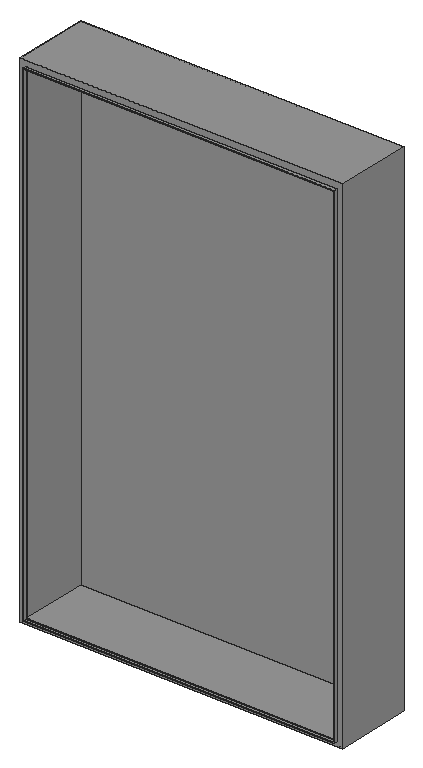
Revit family "Hager-Univers-IP30-D205-H1250-Cl.II-Encl-NoHosted-NL-en", category Equipement électrique, Revit 2020
Family settings
  Configuration du panneau = Deux colonnes, circuits au sein
  Cote de connecteur circulaire = Utiliser le diamètre
  Type d'élément = Tableau de raccordement
  Basée sur le plan de construction = Oui
  Toujours verticalement = Oui
  Couper avec des vides une fois chargée = Non
  Partagée = Non
  Point de calcul de pièce = Non
Parameters (values of type "Surface mounted (plaster) IP30 W800 H1250 D205  - FP83Q1S")
  Width Control [instance] = if([EF000008 - Width] > Min Width, [EF000008 - Width], Min Width)  # 800 mm
  Commentaires du type = [HG000003 - Range]  # "Univers"
  Thickness Door [instance] = if([EF009171 - Material plate thickness door/cover] > 3 mm, 3 mm, [EF009171 - Material plate thickness door/cover])  # 1 mm
  Seal Frame Offset [instance] = 17 mm  # constant formula
  Plinth Visibility [instance] = [HG000027 - Plinth height] > 0 mm  # no
  Min Width [instance] = 100 mm  # constant formula
  Min Depth [instance] = (2 * [EF009170 - Material plate thickness cabinet]) + 1 mm  # 3 mm
  Min Height [instance] = 100 mm  # constant formula
  Internal Frame Depth [instance] = (Door System Depth * 0.5)  # 9 mm
  Panel Name [instance] = ""  # (empty or 0)
  Model = ""
  HG000027 - Plinth height = 0 mm
  HG000026 - Floor standing = no
  HG000024 - Bottom section height = 600 mm
  HG000023 - Double section enclosure = no
  HG000016 - Door 3d visibility [instance] = yes
  HG000015 - Clearance visibility [instance] = no
  HG000014 - Door on the right [instance] = yes
  HG000013 - Door on the left [instance] = not([HG000014 - Door on the right])  # no
  HG000012 - Door swing angle [instance] = 30.00°
  HG000010 - Asymmetric doors = no
  HG000009 - Double swing door = no
  HG000006 - Flush mounted = no
  HG000004 - Manufacturer reference = "FP83Q1S"
  HG000003 - Range = "Univers"
  HG000002 - With door or cover = no
  Frame Offset Bottom [instance] = 10 mm  # constant formula
  Frame Offset [instance] = 15 mm  # constant formula
  EF015940 - Cover with overpressure release = no
  EF011959 - Degree of protection (NEMA) = ""
  EF009554 - Number of openings for flange plates = 6
  EF009212 - Cover model = "EV009916 - With notch"
  EF009171 - Material plate thickness door/cover = 1 mm
  EF009170 - Material plate thickness cabinet = 1 mm
  EF008873 - Nominal current (In) = 250 A
  EF007800 - Suitable for lightning protection = no
  EF006306 - With lock = no
  EF006244 - Transparent cover/door = no
  EF005474 - Degree of protection (IP) = "EV006410 - IP30"
  EF004464 - Type of door = "EV000494 - None"
  EF004427 - Number of modules = 288
  EF004293 - Impact strength = "EV006813 - IK07"
  EF003532 - Suitable for outdoor use = no
  EF002950 - Width in number of modular spacings = 36
  EF001613 - Circuit integrity = "EV000494 - None"
  EF001596 - Material housing = "EV000179 - Steel"
  EF001131 - Internal depth = 130 mm
  EF001088 - Extension possible = yes
  EF000437 - Number of conduit inlets = 6
  EF000339 - Type of cover = "EV000494 - None"
  EF000266 - Number of rows = 8
  EF000218 - Built-in depth = 0 mm
  EF000118 - With mounting plate = no
  EF000116 - RAL-number = "9010"
  EF000049 - Depth = 205 mm
  EF000040 - Height = 1250 mm
  EF000008 - Width = 800 mm
  EF000007 - Colour = "EV000202 - White"
  EF000003 - Mounting method = "EV000384 - Surface mounted (plaster)"
  Door System Leaf Tolerance [instance] = 1.5 mm  # constant formula
  Door System Depth [instance] = 18 mm  # constant formula
  Door Height [instance] = Height Control - [HG000027 - Plinth height]  # 1250 mm
  Description = ""
  Default Elevation = 1219.2 mm
  Connector Offset [instance] = Height Control / 2  # 625 mm
  Fabricant = "Hager"  # constant formula
  Height Control [instance] = if([EF000040 - Height] > Min Height, [EF000040 - Height], Min Height)  # 1250 mm
  Depth Control [instance] = if([EF000049 - Depth] > Min Depth, [EF000049 - Depth], Min Depth)  # 205 mm
  Bottom Top Plate Trim [instance] = 1.5 mm  # constant formula
  Plinth height Ctrl [instance] = if([HG000027 - Plinth height] > 0 mm, [HG000027 - Plinth height], 12 mm)  # 12 mm
Types (5, lengths in mm): name | Width Control | HG000004 - Manufacturer reference | EF009554 - Number of openings for flange plates | EF004427 - Number of modules | EF002950 - Width in number of modular spacings | EF000437 - Number of conduit inlets | EF000008 - Width
  Surface mounted (plaster) IP30 W1050 H1250 D205  - FP84Q1S | 1050 | "FP84Q1S" | 8 | 384 | 48 | 8 | 1050
  Surface mounted (plaster) IP30 W1300 H1250 D205  - FP85Q1S | 1300 | "FP85Q1S" | 10 | 480 | 60 | 10 | 1300
  Surface mounted (plaster) IP30 W300 H1250 D205  - FP81Q1S | 300 | "FP81Q1S" | 2 | 96 | 12 | 2 | 300
  Surface mounted (plaster) IP30 W550 H1250 D205  - FP82Q1S | 550 | "FP82Q1S" | 4 | 192 | 24 | 4 | 550
  Surface mounted (plaster) IP30 W800 H1250 D205  - FP83Q1S | 800 | "FP83Q1S" | 6 | 288 | 36 | 6 | 800
Reference planes
  plane 1 "Center (Front/Back)": y = 0
  plane 2: z = 0
  plane 3 "Center (Left/Right)": x = 0
  plane 4: y = 0
  plane 5: y = 0
  plane 6: z = 0
  plane 7: x = -400
  plane 8: x = 400
  plane 9: x = 399
  plane 10: x = -399
  plane 11: z = 0
  plane 12: z = 1
  plane 13: y = -205
  plane 14: y = -1
  plane 15: x = 0
  plane 16: y = -187
  plane 17: y = -204
  plane 18: y = -186
  plane 19: x = -384
  plane 20: x = 384
  plane 21: z = 11
  plane 22: x = -383
  plane 23: x = 383
  plane 24: z = 0
  plane 25: z = 1250
  plane 26: z = 1250
  plane 27: z = 1234
  plane 28: z = 1249
Forms (mm)
  Extrusion 1, solid, material "Hager_Steel_RAL7035_Light_Grey", detail levels medium+fine
    sketch origin (-208.679, -4572, 0) x (-1, 0, 0) y (0, -1, 0)
      loop
        line (191.321, -4385) -> (-608.679, -4385) -> (-608.679, -4572) -> (191.321, -4572) -> (191.321, -4385)
    from 0 to 1250
  Extrusion 2, void
    sketch origin (-350.771, -205, 1219.2) x (1, 0, 0) y (0, 0, 1)
      loop
        line (-48.229, 29.8) -> (-48.229, -1218.2) -> (749.771, -1218.2) -> (749.771, 29.8) -> (-48.229, 29.8)
    from -19 to -204
  Extrusion 3, void
    sketch origin (-290.084, -187, 1219.2) x (1, 0, 0) y (0, 0, 1)
      loop
        line (-93.916, -1208.2) -> (674.084, -1208.2) -> (674.084, 14.8) -> (-93.916, 14.8) -> (-93.916, -1208.2)
    from 0 to -1
  Extrusion 4, solid, material "Hager_Steel_RAL7035_Light_Grey", visible <- "Plinth Visibility", detail levels medium+fine
    sketch origin (0, 0, 0) x (1, 0, 0) y (0, 1, 0)
      loop
        line (-400, 0) -> (-400, -187) -> (400, -187) -> (400, 0) -> (-400, 0)
    from 0 to 12 <- "Plinth height Ctrl"
  Extrusion 5, solid, material "Hager_Steel_RAL7035_Light_Grey", detail levels coarse
    sketch origin (0, 0, 0) x (1, 0, 0) y (0, 1, 0)
      loop
        line (-400, 0) -> (-400, -205) -> (400, -205) -> (400, 0) -> (-400, 0)
    from 0 to 1250 <- "Height Control"
  Sweep 6, void
    path in 3D
      loop
        line (-400, -187, 12) -> (400, -187, 12) -> (400, 0, 12) -> (-400, 0, 12) -> (-400, -187, 12)
    profile origin (-400, -93.5, 12) x (1, 0, 0) y (0, 0, 1)
      loop
        line (0, 0) -> (0, -1.5) -> (1.5, -1.5)
        arc (1.5, -1.5) -> (1.061, -0.439) -> (0, 0) r 1.5
  Extrusion 7, solid, material "Hager_Steel_RAL7035_Light_Grey", detail levels fine
    sketch origin (-400, -187, 0) x (1, 0, 0) y (0, 0, 1)
      loop
        line (16, 11) -> (784, 11) -> (784, 1234) -> (16, 1234) -> (16, 11)
      loop
        line (15, 10) -> (785, 10) -> (785, 1235) -> (15, 1235) -> (15, 10)
    from 0 to 9 <- "Internal Frame Depth"
Cuts and joins
  Extrusion 2, Extrusion 3 cuts Extrusion 1
  Sweep 6 cuts Extrusion 4
Lines and regions (mm)
  Masking region 1
    outline origin (0, 0, 0) x (1, 0, 0) y (0, 1, 0)
      loop
        line (-400, 0) -> (-400, -205) -> (400, -205) -> (400, 0) -> (-400, 0)
  Masking region 2, detail levels coarse
    outline origin (-290.084, -187, 1219.2) x (-1, 0, 0) y (0, 0, 1)
      loop
        line (-690.084, -1219.2) -> (109.916, -1219.2) -> (109.916, 30.8) -> (-690.084, 30.8) -> (-690.084, -1219.2)
  Masking region 3, detail levels coarse
    outline origin (0, 0, 0) x (0, 1, 0) y (0, 0, 1)
      loop
        line (0, 0) -> (0, 1250) -> (-205, 1250) -> (-205, 0) -> (0, 0)
  Masking region 4, visible <- "Plinth Visibility", detail levels medium+fine
    outline origin (0, 0, 0) x (0, 1, 0) y (0, 0, 1)
      loop
        line (-1.5, 12) -> (-185.5, 12)
        arc (-185.5, 12) -> (-185.939, 10.939) -> (-187, 10.5) r 1.5
        line (-187, 10.5) -> (-187, 0) -> (0, 0) -> (0, 10.5)
        arc (0, 10.5) -> (-1.061, 10.939) -> (-1.5, 12) r 1.5
  Masking region 5, detail levels medium+fine
    outline origin (0, 0, 594.038) x (0, 1, 0) y (0, 0, 1)
      loop
        line (0, -594.038) -> (0, 655.962) -> (-187, 655.962) -> (-187, -594.038) -> (0, -594.038)
  Masking region 6, detail levels medium+fine
    outline origin (-359.7, -187, 1211.883) x (-1, 0, 0) y (0, 0, 1)
      loop
        line (-759.7, -1211.883) -> (40.3, -1211.883) -> (40.3, 38.117) -> (-759.7, 38.117) -> (-759.7, -1211.883)
  Masking region 7, visible <- "Plinth Visibility", detail levels medium+fine
    outline origin (-320.334, -187, 1041.368) x (-1, 0, 0) y (0, 0, 1)
      loop
        line (-720.334, -1041.368) -> (79.666, -1041.368) -> (79.666, -1030.868)
        arc (79.666, -1030.868) -> (78.606, -1030.429) -> (78.166, -1029.368) r 1.5
        line (78.166, -1029.368) -> (-718.834, -1029.368)
        arc (-718.834, -1029.368) -> (-719.273, -1030.429) -> (-720.334, -1030.868) r 1.5
        line (-720.334, -1030.868) -> (-720.334, -1041.368)
  sketch lines
    curve 1: line (-400, 0, 12) -> (-400, -187, 12)
    curve 2: line (-400, -187, 12) -> (400, -187, 12)
    curve 3: line (400, 0, 12) -> (-400, 0, 12)
    curve 4: line (400, -187, 12) -> (400, 0, 12)
Dimensions and locks
  locked: plane 1 "Center (Front/Back)" to plane 5
  "EF009170 - Material plate thickness cabinet": plane 7 to plane 10
  "EF009170 - Material plate thickness cabinet": plane 8 to plane 9
  equal spacing: plane 7, plane 3 "Center (Left/Right)", plane 8
  "Width Control": plane 7 to plane 8
  "Depth Control": plane 4 to plane 13
  "EF009170 - Material plate thickness cabinet": plane 4 to plane 14
  "Height Control": plane 25 to level
  "HG000027 - Plinth height": plane 11 to level
  "EF009170 - Material plate thickness cabinet": plane 12 to plane 11
  "EF009170 - Material plate thickness cabinet": plane 17 to plane 13
  "EF009170 - Material plate thickness cabinet": plane 18 to plane 16
  "Frame Offset Bottom": plane 21 to plane 12
  "Frame Offset": plane 10 to plane 19
  "Frame Offset": plane 9 to plane 20
  "Door System Depth": plane 16 to plane 13
  "Seal Frame Offset": plane 7 to plane 22
  "Seal Frame Offset": plane 8 to plane 23
  "EF009170 - Material plate thickness cabinet": plane 26 to plane 28
  "Frame Offset": plane 28 to plane 27
  "Connector Offset": plane 2 to connector elem
  "Bottom Top Plate Trim": profile plane to Sweep 6 sketch curve
  "Bottom Top Plate Trim": Sweep 6 sketch curve to Sweep 6 sketch curve
  "Plinth height Ctrl": Masking region 4 sketch curve to level
  "Plinth height Ctrl": Masking region 7 sketch curve to level
  "Thickness Door": Extrusion 7 sketch curve to Extrusion 7 sketch curve  (x4)
  "Bottom Top Plate Trim": radius of Sweep 6 sketch curve
  "Bottom Top Plate Trim": radius of Masking region 4 sketch curve  (x2)
  "Bottom Top Plate Trim": radius of Masking region 7 sketch curve  (x2)
  aligned and locked: Extrusion 2 sketch curve to plane 12
  aligned and locked: Extrusion 2 sketch curve to plane 9
  aligned and locked: Extrusion 2 sketch curve to plane 10
  aligned and locked: Extrusion 2 to plane 14
  aligned and locked: Extrusion 1 sketch curve to plane 4
  aligned and locked: plane 8 to Extrusion 1 sketch curve
  aligned and locked: plane 7 to Extrusion 1 sketch curve
  aligned and locked: Extrusion 2 to plane 18
  aligned and locked: Extrusion 3 sketch curve to plane 19
  aligned and locked: plane 20 to Extrusion 3 sketch curve
  aligned and locked: Extrusion 3 to Extrusion 2
  aligned and locked: Extrusion 3 sketch curve to plane 21
  aligned and locked: plane 3 "Center (Left/Right)" to nested 1
  aligned and locked: Extrusion 1 sketch curve to plane 16
  aligned and locked: Extrusion 4 sketch curve to cut or joined group of Extrusion 1, Extrusion 2, Extrusion 3
  aligned and locked: Masking region 1 sketch curve to plane 7
  aligned and locked: Masking region 1 sketch curve to plane 5
  aligned and locked: Masking region 1 sketch curve to plane 8
  aligned and locked: Masking region 2 sketch curve to level
  aligned and locked: level to Masking region 3 sketch curve
  aligned and locked: plane 1 "Center (Front/Back)" to Masking region 3 sketch curve
  aligned and locked: plane 13 to Masking region 3 sketch curve
  aligned and locked: plane 5 to Masking region 4 sketch curve
  aligned and locked: Masking region 2 sketch curve to plane 8
  aligned and locked: Masking region 2 sketch curve to plane 7
  aligned and locked: plane 7 to nested 2
  aligned and locked: nested 2 to plane 5
  aligned and locked: plane 5 to Masking region 5 sketch curve
  aligned and locked: plane 26 to Masking region 5 sketch curve
  aligned and locked: Extrusion 5 sketch curve to plane 8
  aligned and locked: Extrusion 5 sketch curve to plane 7
  aligned and locked: Extrusion 5 sketch curve to plane 5
  aligned and locked: Extrusion 3 sketch curve to plane 27
  aligned and locked: Extrusion 2 sketch curve to plane 28
  aligned and locked: Masking region 2 to plane 25
  aligned and locked: Extrusion 4 to plane 16
  aligned and locked: profile plane to Sweep 6 sketch curve
  aligned and locked: Masking region 5 sketch curve to plane 24
  aligned and locked: level to Masking region 4 sketch curve
  aligned and locked: Masking region 1 to plane 13
  aligned and locked: nested 1 to plane 16
  aligned and locked: Masking region 3 to plane 25
  aligned and locked: plane 16 to Masking region 4 sketch curve
  aligned and locked: Masking region 5 sketch curve to plane 16
  aligned and locked: plane 24 to plane 11
  aligned and locked: plane 26 to plane 25
  aligned and locked: plane 26 to cut or joined group of Extrusion 1, Extrusion 2, Extrusion 3
  aligned and locked: nested 1 to plane 24
  aligned and locked: Extrusion 1 to Extrusion 3
  aligned and locked: Masking region 6 sketch curve to plane 8
  aligned and locked: Masking region 6 sketch curve to plane 24
  aligned and locked: Masking region 6 sketch curve to plane 7
  aligned and locked: Masking region 6 sketch curve to plane 26
  aligned and locked: Masking region 7 sketch curve to plane 7
  aligned and locked: level to Masking region 7 sketch curve
  aligned and locked: Masking region 7 sketch curve to plane 8
  aligned and locked: Extrusion 7 sketch curve to cut or joined group of Extrusion 1, Extrusion 2, Extrusion 3  (x4)
Automatic sketch dimensions
  plane 19 to Extrusion 3 sketch curve = 0 mm
  Extrusion 3 sketch curve to plane 20 = 0 mm
  Extrusion 3 sketch curve to plane 21 = 0 mm
  Extrusion 4 sketch curve to plane 7 = 0 mm
  Extrusion 4 sketch curve to plane 8 = 0 mm
  Extrusion 4 sketch curve to plane 16 = 0 mm
  Masking region 1 sketch curve to plane 13 = 0 mm
  Masking region 2 sketch curve to plane 25 = 0 mm
  Masking region 3 sketch curve to plane 25 = 0 mm
  Extrusion 5 sketch curve to plane 13 = 0 mm
  profile plane to Sweep 6 sketch curve = 0 mm
Nested families
  nested 1: "EC000058_Univers_Door" at (0, -187, 0), Double <- "HG000009 - Double swing door", Transparent <- "EF006244 - Transparent cover/door", Angle <- "HG000012 - Door swing angle", Door_Right <- "HG000014 - Door on the right", Assymetrical <- "HG000010 - Asymmetric doors", Door <- "HG000002 - With door or cover", Width_Ctrl <- "Width Control", 3d_Door <- "HG000016 - Door 3d visibility", Clearance <- "HG000015 - Clearance visibility", Door_Left <- "HG000013 - Door on the left", Width <- "Width Control", Door_Depth <- "Door System Depth", Leaf_Tolerance <- "Door System Leaf Tolerance", Height <- "Door Height", Lock_Visibility <- "EF006306 - With lock", Thickness <- "Thickness Door", type "EC000058_Univers_Door", detail levels medium+fine
    with min_wh 3 mm, Width_Ctrl 800 mm, Width 800 mm, Transparent no, Thickness 1 mm, Seal_Material Hager_Rubber, Lock_Visibility no, Lock_Material Hager_Plastic_RAL9005_Jet_Black, Leaf_Width 800 mm, Leaf_Tolerance_External_Sides 0 mm, Leaf_Tolerance 1.5 mm, Leaf_Offset 0 mm, Leaf_Height 1247 mm, Leaf_2_Width 800 mm, Leaf_2_Offset 400 mm, Leaf_1_Width 800 mm, Leaf_1_Offset 400 mm, Height_Ctrl 1250 mm, Height 1250 mm, Glass_Material Hager_Glass, Double_Clearance_Ctrl no, Double no, Door_Right_Ctrl no, Door_Right yes, Door_Material Hager_Steel_RAL7035_Light_Grey, Door_Left_Ctrl no, Door_Left no, Door_Depth 18 mm, Door no, Clearance_Material Hager_Clearance, Clearance_Depth 800 mm, Clearance_Ctrl no, Clearance no, Assymetrical no, Angle 30.00°, 3d_Door yes
  nested 2: "Hager_Enclosure_Symbol" at (-400, 0, 0), Height <- "Depth Control", Width <- "Width Control", type "Hager_Enclosure_Symbol"
    with Width_Ctrl 800 mm, Width 800 mm, Height_Ctrl 205 mm, Height 205 mm, A_Width_Int 13.453 mm, A_Width 161.438 mm, A_Height_Ctrl 179.375 mm, A_Height 179.375 mm
Connectors
  electrical at (0, 0, 625)
    settings: on plane 1 "Center (Front/Back)", index 1, voltage 0 V, apparent load 0 VA, apparent load phase1 0 VA, apparent load phase2 0 VA, apparent load phase3 0 VA, power factor 1, load classification "Other", number of poles 1, system type 30, power factor state 1, is connector primary yes, connector utility no, sub classification motor no, connector description ""
Definition of nested family "EC000058_Univers_Door"
  Parameters (values of type "EC000058_Univers_Door")
    min_wh [instance] = (2 * Thickness) + 1 mm  # 11 mm
    Width_Ctrl [instance] = 400 mm
    Width [instance] = 500 mm
    Transparent [instance] = yes
    Thickness [instance] = 5 mm
    Seal_Material [instance] = none
    Lock_Visibility [instance] = yes
    Lock_Material [instance] = none
    Leaf_Width [instance] = if((Width_Ctrl - 2 * Leaf_Tolerance_External_Sides) > 0 mm, (Width_Ctrl - 2 * Leaf_Tolerance_External_Sides), min_wh)  # 400 mm
    Leaf_Tolerance_External_Sides [instance] = 0 mm  # constant formula
    Leaf_Tolerance [instance] = 1.5 mm
    Leaf_Offset [instance] = 0 mm  # constant formula
    Leaf_Height [instance] = if((Height_Ctrl - 2 * Leaf_Tolerance) > 0 mm, (Height_Ctrl - 2 * Leaf_Tolerance), min_wh)  # 497 mm
    Leaf_2_Width [instance] = if(and(and(Double, Assymetrical), Door_Left), (Leaf_Width / 3) - (Leaf_Tolerance / 2), if(and(and(Double, Assymetrical), Door_Right), (Leaf_Width / 3) * 2 - (Leaf_Tolerance / 2), if(and(Double, not(Assymetrical)), (Leaf_Width / 2) - Leaf_Tolerance, Leaf_Width)))  # 400 mm
    Leaf_2_Offset [instance] = if(and(Double, Assymetrical), Leaf_2_Width / 2, if(and(Double, not(Assymetrical)), Leaf_Width / 4, Leaf_Width / 2))  # 200 mm
    Leaf_1_Width [instance] = if(and(and(Double, Assymetrical), Door_Right), (Leaf_Width / 3) - (Leaf_Tolerance / 2), if(and(and(Double, Assymetrical), Door_Left), (Width / 3) * 2 - (Leaf_Tolerance / 2), if(and(Double, not(Assymetrical)), (Leaf_Width / 2) - Leaf_Tolerance, Leaf_Width)))  # 400 mm
    Leaf_1_Offset [instance] = if(and(Double, Assymetrical), Leaf_1_Width / 2, if(and(Double, not(Assymetrical)), Leaf_Width / 4, Leaf_Width / 2))  # 200 mm
    Height_Ctrl [instance] = if(Height > min_wh, Height, min_wh)  # 500 mm
    Height [instance] = 500 mm
    Glass_Material [instance] = none
    Double_Clearance_Ctrl [instance] = and(Double, Clearance)  # no
    Double [instance] = no
    Door_Right_Ctrl [instance] = and(or(Door_Right, Double), Door)  # yes
    Door_Right [instance] = yes
    Door_Material [instance] = none
    Door_Left_Ctrl [instance] = and(or(Door_Left, Double), Door)  # no
    Door_Left [instance] = no
    Door_Depth [instance] = 30 mm
    Door [instance] = yes
    Default Elevation = 1219.2 mm
    Clearance_Material [instance] = none
    Clearance_Depth [instance] = if(Leaf_1_Width > Leaf_2_Width, Leaf_1_Width, Leaf_2_Width)  # 400 mm
    Clearance_Ctrl [instance] = and(not(Double), Clearance)  # yes
    Clearance [instance] = yes
    Assymetrical [instance] = yes
    Angle [instance] = 30.00°
    3d_Door [instance] = yes
  Reference planes
    plane 1 "Center (Front/Back)": y = 0
    plane 2 "Bottom": z = 0
    plane 3 "Center (Left/Right)": x = 0
    plane 4: z = 500
    plane 5: x = -200
    plane 6: x = 200
    plane 7: z = 500
    plane 8: x = -200
    plane 9: z = 0
    plane 10: x = 200
    plane 11: y = 0
    plane 12: z = 1.5
    plane 13: x = -600
    plane 14: y = -400
    plane 15: x = 600
    plane 16: x = 0
    plane 17: x = 0
    plane 18: x = -200
    plane 19: x = 200
    plane 20: z = 498.5
  Forms (mm)
    Extrusion 1, solid, material <- "Clearance_Material", visible <- "Double_Clearance_Ctrl"
      sketch origin (1200, 0, 0) x (1, 0, 0) y (0, 0, -1)
        loop
          line (-1800, -498.5) -> (-600, -498.5) -> (-600, 0) -> (-1800, 0) -> (-1800, -498.5)
      from 0 to -400
  Dimensions and locks
    equal spacing: plane 5, plane 3 "Center (Left/Right)", plane 6
    "Width_Ctrl": plane 5 to plane 6
    "Leaf_Offset": plane 5 to plane 8
    "Leaf_Offset": plane 6 to plane 10
    "Leaf_Offset": plane 9 to level
    "Leaf_Offset": plane 4 to plane 7
    "Height_Ctrl": plane 4 to level
    "Leaf_Tolerance": plane 12 to plane 9
    locked: plane 11 to plane 1 "Center (Front/Back)"
    "Leaf_1_Offset": plane 18 to plane 16
    "Leaf_2_Offset": plane 17 to plane 19
    "Leaf_1_Width": plane 13 to plane 8
    "Leaf_2_Width": plane 10 to plane 15
    "Clearance_Depth": plane 14 to plane 1 "Center (Front/Back)"
    "Leaf_Tolerance_External_Sides": plane 8 to plane 18
    "Leaf_Tolerance_External_Sides": plane 19 to plane 10
    "Leaf_Tolerance": plane 7 to plane 20
    aligned and locked: level to plane 2 "Bottom"
    aligned and locked: nested 1 to plane 16
    aligned and locked: nested 2 to plane 17
    aligned and locked: Extrusion 1 to plane 13
    aligned and locked: plane 15 to Extrusion 1
    aligned and locked: Extrusion 1 to plane 14
    aligned and locked: plane 12 to nested 1
    aligned and locked: nested 2 to plane 12
    aligned and locked: Extrusion 1 to plane 11
    aligned and locked: plane 20 to Extrusion 1
    aligned and locked: nested 2 to plane 11
    aligned and locked: nested 1 to plane 11
  Automatic sketch dimensions
    Extrusion 1 sketch curve to level = 0 mm
    plane 5 to Extrusion 1 sketch curve = 400 mm
    plane 6 to Extrusion 1 sketch curve = 400 mm
    Extrusion 1 sketch curve to plane 4 = 1.5 mm
  Nested families
    nested 1: "EC000058_Univers_Door_Leaf" at (0, 0, 1.5), Width <- "Leaf_1_Width", visible <- "Door_Left_Ctrl", Leaf_Height <- "Leaf_Height", Angle <- "Angle", 3d_Door <- "3d_Door", Transparent <- "Transparent", Clearance Material <- "Clearance_Material", Clearance <- "Clearance_Ctrl", Door_Material <- "Door_Material", Glass_Material <- "Glass_Material", Door_Depth <- "Door_Depth", Lock_Material <- "Lock_Material", Seal_Material <- "Seal_Material", Lock_Visibility <- "Lock_Visibility", Thickness <- "Thickness", type "EC000058_Univers_Door_Leaf"
      with Width 400 mm, Transparent_Glass_Offset 30 mm, Transparent_Ctrl yes, Transparent yes, Thickness 5 mm, Standard no, Seal_Material none, Seal_D2 8 mm, Seal_D1 1 mm, Offset_Internal_Frame 10 mm, Lock_Width 20 mm, Lock_Visibility_3d yes, Lock_Visibility yes, Lock_Thickness_3 3 mm, Lock_Thickness_2 1 mm, Lock_Thickness_1 3 mm, Lock_Radius_Offset_2 16 mm, Lock_Radius_Offset_1 15 mm, Lock_Radius_2 5 mm, Lock_Radius 6 mm, Lock_Offset 5 mm, Lock_Material none, Lock_Height 80 mm, Lock_Cover_Top_Offset_2d 17 mm, Lock_Cover_Height -65 mm, Leaf_Height 497 mm, Internal_Seal_Thickness 8 mm, Internal_Seal_Depth_2 4.5 mm, Internal_Frame_Depth 25 mm, Glass_Thickness -1 mm, Glass_Offset -2 mm, Glass_Material none, Door_Material none, Door_Depth 30 mm, Clearance Material none, Clearance yes, Angle_Ctrl 30.00°, Angle 30.00°, 3d_Door yes
    nested 2: "EC000058_Univers_Door_Leaf" at (0, 0, 1.5) x (-1, 0, 0) z (0, 0, 1), Width <- "Leaf_2_Width", visible <- "Door_Right_Ctrl", Leaf_Height <- "Leaf_Height", Angle <- "Angle", 3d_Door <- "3d_Door", Transparent <- "Transparent", Clearance Material <- "Clearance_Material", Clearance <- "Clearance_Ctrl", Door_Material <- "Door_Material", Glass_Material <- "Glass_Material", Door_Depth <- "Door_Depth", Lock_Material <- "Lock_Material", Seal_Material <- "Seal_Material", Lock_Visibility <- "Lock_Visibility", Thickness <- "Thickness", type "EC000058_Univers_Door_Leaf"
      with Width 400 mm, Transparent_Glass_Offset 30 mm, Transparent_Ctrl yes, Transparent yes, Thickness 5 mm, Standard no, Seal_Material none, Seal_D2 8 mm, Seal_D1 1 mm, Offset_Internal_Frame 10 mm, Lock_Width 20 mm, Lock_Visibility_3d yes, Lock_Visibility yes, Lock_Thickness_3 3 mm, Lock_Thickness_2 1 mm, Lock_Thickness_1 3 mm, Lock_Radius_Offset_2 16 mm, Lock_Radius_Offset_1 15 mm, Lock_Radius_2 5 mm, Lock_Radius 6 mm, Lock_Offset 5 mm, Lock_Material none, Lock_Height 80 mm, Lock_Cover_Top_Offset_2d 17 mm, Lock_Cover_Height -65 mm, Leaf_Height 497 mm, Internal_Seal_Thickness 8 mm, Internal_Seal_Depth_2 4.5 mm, Internal_Frame_Depth 25 mm, Glass_Thickness -1 mm, Glass_Offset -2 mm, Glass_Material none, Door_Material none, Door_Depth 30 mm, Clearance Material none, Clearance yes, Angle_Ctrl 30.00°, Angle 30.00°, 3d_Door yes
  Definition of nested family "EC000058_Univers_Door_Leaf"
    Parameters (values of type "EC000058_Univers_Door_Leaf")
      Width [instance] = 2000 mm
      Transparent_Glass_Offset [instance] = 30 mm
      Transparent_Ctrl [instance] = and(Transparent, [3d_Door])  # yes
      Transparent [instance] = yes
      Thickness [instance] = 5 mm
      Standard [instance] = and(not(Transparent), [3d_Door])  # no
      Seal_Material [instance] = none
      Seal_D2 [instance] = 8 mm  # constant formula
      Seal_D1 [instance] = 1 mm  # constant formula
      Offset_Internal_Frame [instance] = 10 mm  # constant formula
      Lock_Width [instance] = 20 mm  # constant formula
      Lock_Visibility_3d [instance] = and(Lock_Visibility, [3d_Door])  # yes
      Lock_Visibility [instance] = yes
      Lock_Thickness_3 [instance] = 3 mm  # constant formula
      Lock_Thickness_2 [instance] = 1 mm  # constant formula
      Lock_Thickness_1 [instance] = 3 mm  # constant formula
      Lock_Radius_Offset_2 [instance] = Lock_Radius_Offset_1 + 1 mm  # 16 mm
      Lock_Radius_Offset_1 [instance] = 15 mm  # constant formula
      Lock_Radius_2 [instance] = Lock_Radius - 1 mm  # 5 mm
      Lock_Radius [instance] = 6 mm  # constant formula
      Lock_Offset [instance] = 5 mm  # constant formula
      Lock_Material [instance] = none
      Lock_Height [instance] = 80 mm  # constant formula
      Lock_Cover_Top_Offset_2d [instance] = Lock_Radius_Offset_2 + 1 mm  # 17 mm
      Lock_Cover_Height [instance] = -(Lock_Height - Lock_Radius_Offset_1)  # -65 mm
      Leaf_Height [instance] = 2720.336 mm
      Internal_Seal_Thickness [instance] = 8 mm  # constant formula
      Internal_Seal_Depth_2 [instance] = 4.5 mm  # constant formula
      Internal_Frame_Depth [instance] = if(Door_Depth - Thickness > 5 mm, Door_Depth - Thickness, 5 mm)  # 25 mm
      Glass_Thickness [instance] = if(Thickness > 15 mm, Glass_Offset + 10 mm, -1 mm)  # -1 mm
      Glass_Offset [instance] = if(Thickness > 15 mm, -(Thickness + 10 mm) / 2, -2 mm)  # -2 mm
      Glass_Material [instance] = none
      Door_Material [instance] = none
      Door_Depth [instance] = 30 mm
      Default Elevation = 0 mm
      Clearance Material [instance] = none
      Clearance [instance] = yes
      Angle_Ctrl [instance] = if(Angle > 180.00°, 180.00°, Angle)  # 90.00°
      Angle [instance] = 90.00°
      3d_Door [instance] = yes
    Reference planes
      plane 1 "Center (Front/Back)": y = 0
      plane 2: z = 0
      plane 3 "Center (Left/Right)": x = 0
      plane 4: y = 2000
      plane 5: x = -1000
      plane 6: x = 1000
      plane 7: x = -3000
      plane 8: z = 2720.336
      plane 9: z = 30
      plane 10: z = 2690.336
      plane 11: x = 970
      plane 12: x = -970
      plane 13: y = -3
      plane 14: z = 107.833
      plane 15: y = -5
      plane 16: y = -223.314
      plane 17: x = -1000
      plane 18: z = 1360.168
      plane 19: y = 30
    Forms (mm)
      Extrusion 1, solid, material <- "Clearance Material", visible <- "Clearance"
        sketch origin (0, 0, 0) x (1, 0, 0) y (0, 0, 1)
          loop
            line (-3000, 2720.336) -> (-3000, 0) -> (1000, 0) -> (1000, 2720.336) -> (-3000, 2720.336)
        from 0 to -2000
      Extrusion 2, solid, material <- "Door_Material", visible <- "Standard", detail levels medium+fine
        sketch origin (-1000, 0, 0) x (0, 1, 0) y (-1, 0, 0)
          loop
            line (0, 30) -> (0, 25) -> (2000, 25) -> (2000, 30) -> (0, 30)
        from 0 to 2720.336 <- "Leaf_Height"
      Extrusion 3, solid, material <- "Door_Material", visible <- "Transparent_Ctrl", detail levels medium+fine
        sketch origin (-1000, 0, 0) x (0, 1, 0) y (-1, 0, 0)
          loop
            line (0, 25) -> (2000, 25) -> (2000, 30) -> (0, 30) -> (0, 25)
        from 0 to 2720.336 <- "Leaf_Height"
      Extrusion 4, void
        sketch origin (-1025, 2000, 0) x (0, 1, 0) y (0, 0, -1)
          loop
            line (-30, -2690.336) -> (-30, -30) -> (-1970, -30) -> (-1970, -2690.336) -> (-30, -2690.336)
        from 0 to 5 <- "Thickness"
      Sweep 5, solid, material <- "Seal_Material", visible <- "Transparent_Ctrl", detail levels fine
        path in 3D
          loop
            line (-1025, 30, 30) -> (-1025, 30, 2690.336) -> (-1025, 1970, 2690.336) -> (-1025, 1970, 30) -> (-1025, 30, 30)
        profile origin (-1025, 1000, 30) x (1, 0, 0) y (0, 0, 1)
          loop
            line (0, 0) -> (0, -8) -> (1, -8) -> (1, 0) -> (0, 0)
      Extrusion 6, solid, material <- "Glass_Material", visible <- "Transparent_Ctrl", detail levels medium+fine
        sketch origin (-1030, 0, 0) x (0, 1, 0) y (0, 0, -1)
          loop
            line (1970, -2690.336) -> (1970, -30) -> (30, -30) -> (30, -2690.336) -> (1970, -2690.336)
        from -2 <- "Glass_Offset" to -1 <- "Glass_Thickness"
      Extrusion 7, solid, material <- "Door_Material", visible <- "3d_Door", detail levels medium+fine
        sketch origin (-1025, 2000, 0) x (0, -1, 0) y (0, 0, -1)
          loop
            line (0, -2720.336) -> (2000, -2720.336) -> (2000, 0) -> (0, 0) -> (0, -2720.336)
          loop
            line (1995, -5) -> (5, -5) -> (5, -2715.336) -> (1995, -2715.336) -> (1995, -5)
        from 0 to 25 <- "Internal_Frame_Depth"
      Sweep 8, solid, material <- "Seal_Material", visible <- "Transparent_Ctrl", detail levels fine
        path in 3D
          loop
            line (-1025, 0, 0) -> (-1025, 2000, 0) -> (-1025, 2000, 2720.336) -> (-1025, 0, 2720.336) -> (-1025, 0, 0)
        profile origin (-1025, 0, 1360.168) x (1, 0, 0) y (0, 1, 0)
          loop
            line (0, 10) -> (2.975, 10)
            arc (2.975, 10) -> (4.053, 10.447) -> (4.5, 11.525) r 1.525
            line (4.5, 11.525) -> (4.5, 16.527)
            arc (4.5, 16.527) -> (4.069, 17.569) -> (3.027, 18) r 1.473
            line (3.027, 18) -> (0, 18) -> (0, 10)
      Extrusion 9, solid, material <- "Lock_Material", visible <- "Lock_Visibility_3d", detail levels fine
        sketch origin (-1030, 0, 0) x (0, 1, 0) y (0, 0, -1)
          loop
            arc (1993.5, -1400.168) -> (1994.561, -1399.729) -> (1995, -1398.668) r 1.5
            line (1995, -1398.668) -> (1995, -1320.168) -> (1975, -1320.168) -> (1975, -1398.668)
            arc (1975, -1398.668) -> (1975.439, -1399.729) -> (1976.5, -1400.168) r 1.5
            line (1976.5, -1400.168) -> (1993.5, -1400.168)
        from 3 <- "Lock_Thickness_1" to 0
      Blend 10, solid, material <- "Lock_Material", visible <- "Lock_Visibility_3d", detail levels fine
        base sketch origin (-1033, 0, 0) x (0, 1, 0) y (0, 0, -1)
          loop
            line (1975, -1320.168) -> (1975, -1398.668)
            arc (1975, -1398.668) -> (1975.439, -1399.729) -> (1976.5, -1400.168) r 1.5
            line (1976.5, -1400.168) -> (1993.5, -1400.168)
            arc (1993.5, -1400.168) -> (1994.561, -1399.729) -> (1995, -1398.668) r 1.5
            line (1995, -1398.668) -> (1995, -1320.168) -> (1975, -1320.168)
        top sketch origin (-1033, 0, 0) x (0, 1, 0) y (0, 0, -1)
          loop
            line (1976, -1320.168) -> (1976, -1398.668)
            arc (1976, -1398.668) -> (1976.146, -1399.022) -> (1976.5, -1399.168) r 0.5
            line (1976.5, -1399.168) -> (1993.5, -1399.168)
            arc (1993.5, -1399.168) -> (1993.854, -1399.022) -> (1994, -1398.668) r 0.5
            line (1994, -1398.668) -> (1994, -1320.168) -> (1976, -1320.168)
        from 0 to 1 <- "Lock_Thickness_2"
      Blend 11, solid, material <- "Lock_Material", visible <- "Lock_Visibility_3d", detail levels fine
        base sketch origin (-1034, 0, 0) x (0, 1, 0) y (0, 0, -1)
          loop
            line (1978, -1320.168) -> (1978, -1384.168)
            arc (1978, -1384.168) -> (1985, -1391.168) -> (1992, -1384.168) r 7
            line (1992, -1384.168) -> (1992, -1320.168) -> (1978, -1320.168)
        top sketch origin (-1034, 0, 0) x (0, 1, 0) y (0, 0, -1)
          loop
            line (1991, -1320.168) -> (1979, -1320.168) -> (1979, -1383.168)
            arc (1979, -1383.168) -> (1985, -1389.168) -> (1991, -1383.168) r 6
            line (1991, -1383.168) -> (1991, -1320.168)
        from 0 to 3 <- "Lock_Thickness_3"
      Extrusion 12, solid, material <- "Lock_Material", visible <- "Lock_Visibility_3d", detail levels fine
        sketch origin (-1030, 1975, 1320.168) x (1, 0, 0) y (0, -1, 0)
          loop
            line (-7, -19) -> (-7, -1) -> (0, -1) -> (0, 0) -> (-8, 0) -> (-8, -20) -> (0, -20) -> (0, -19) -> (-7, -19)
        from 0 to -65 <- "Lock_Cover_Height"
      Extrusion 13, void
        sketch origin (-1038, 1995, 1320.168) x (-1, 0, 0) y (0, 0, -1)
          loop
            line (-5, -65) -> (0, -65) -> (-5, -60) -> (-5, -65)
        from 0 to 20 <- "Lock_Width"
      Extrusion 14, void
        sketch origin (-1038, 1975, 1320.168) x (0, -1, 0) y (0, 0, -1)
          loop
            circle (-10, -15.995) r 6
          loop
            circle (-10, -15.995) r 5
        from 0 to 2
      Extrusion 15, solid, material <- "Lock_Material", visible <- "Lock_Visibility_3d", detail levels medium
        sketch origin (-1030, 0, 0) x (0, 1, 0) y (0, 0, -1)
          loop
            arc (1993.5, -1400.168) -> (1994.561, -1399.729) -> (1995, -1398.668) r 1.5
            line (1995, -1398.668) -> (1995, -1320.168) -> (1975, -1320.168) -> (1975, -1398.668)
            arc (1975, -1398.668) -> (1975.439, -1399.729) -> (1976.5, -1400.168) r 1.5
            line (1976.5, -1400.168) -> (1993.5, -1400.168)
        from 8 to 0
    Cuts and joins
      Extrusion 4 cuts Extrusion 3
      Extrusion 13, Extrusion 14 cuts Extrusion 9
      Extrusion 14 cuts Blend 11
      Extrusion 13, Extrusion 14 cuts Extrusion 12
      joined: Extrusion 9, Blend 10, Blend 11, Extrusion 12
      Extrusion 14 cuts Extrusion 15
    Lines and regions (mm)
      Masking region 1, visible <- "Lock_Visibility", detail levels fine
        outline origin (0, 0, 0) x (0, 1, 0) y (0, 0, 1)
          loop
            line (30, 1320.168) -> (33, 1320.168) -> (33, 1400.168) -> (30, 1400.168) -> (30, 1320.168)
      Masking region 2, visible <- "Lock_Visibility", detail levels fine
        outline origin (0, 3.143, 0) x (0, 1, 0) y (0, 0, 1)
          loop
            line (29.857, 1354.168) -> (30.857, 1354.168) -> (30.857, 1366.168) -> (29.857, 1366.168) -> (29.857, 1354.168)
      Masking region 3, detail levels medium+fine
        outline origin (0, 0, 0) x (0, 1, 0) y (0, 0, 1)
          loop
            line (0, 0) -> (30, 0) -> (30, 2720.336) -> (0, 2720.336) -> (0, 0)
      Masking region 4, detail levels medium+fine
        outline origin (0, 0, 0) x (1, 0, 0) y (0, 0, 1)
          loop
            line (-1000, 2720.336) -> (-1000, 0) -> (1000, 0) -> (1000, 2720.336) -> (-1000, 2720.336)
      Masking region 5, visible <- "Lock_Visibility", detail levels fine
        outline origin (-47.116, 0, 0) x (1, 0, 0) y (0, 0, 1)
          loop
            arc (1024.616, 1399.168) -> (1023.556, 1398.729) -> (1023.116, 1397.668) r 1.5
            line (1023.116, 1397.668) -> (1023.116, 1320.168) -> (1041.116, 1320.168) -> (1041.116, 1397.668)
            arc (1041.116, 1397.668) -> (1040.677, 1398.729) -> (1039.616, 1399.168) r 1.5
            line (1039.616, 1399.168) -> (1024.616, 1399.168)
      Masking region 6, visible <- "Lock_Visibility", detail levels medium+fine
        outline origin (-25, 0, 0) x (1, 0, 0) y (0, 0, 1)
          loop
            arc (1001.5, 1400.168) -> (1000.439, 1399.729) -> (1000, 1398.668) r 1.5
            line (1000, 1398.668) -> (1000, 1320.168) -> (1020, 1320.168) -> (1020, 1398.668)
            arc (1020, 1398.668) -> (1019.561, 1399.729) -> (1018.5, 1400.168) r 1.5
            line (1018.5, 1400.168) -> (1001.5, 1400.168)
      Masking region 7, visible <- "Lock_Visibility", detail levels fine
        outline origin (-73.735, 0, 0) x (1, 0, 0) y (0, 0, 1)
          loop
            line (1051.735, 1382.168) -> (1065.735, 1382.168) -> (1065.735, 1384.168)
            arc (1065.735, 1384.168) -> (1058.735, 1391.168) -> (1051.735, 1384.168) r 7
            line (1051.735, 1384.168) -> (1051.735, 1382.168)
      Masking region 8, visible <- "Lock_Visibility", detail levels fine
        outline origin (-73.735, 0, 0) x (1, 0, 0) y (0, 0, 1)
          loop
            line (1052.735, 1382.168) -> (1064.735, 1382.168) -> (1064.735, 1383.168)
            arc (1064.735, 1383.168) -> (1058.735, 1389.168) -> (1052.735, 1383.168) r 6
            line (1052.735, 1383.168) -> (1052.735, 1382.168)
      Masking region 9, visible <- "Lock_Visibility", detail levels fine
        outline origin (-25, 0, 0) x (1, 0, 0) y (0, 0, 1)
          loop
            line (1020, 1320.168) -> (1020, 1382.168) -> (1000, 1382.168) -> (1000, 1320.168) -> (1020, 1320.168)
      Masking region 10, detail levels medium+fine
        outline origin (0, 0, 0) x (1, 0, 0) y (0, 0, 1)
          loop
            circle (985, 1335.144) r 6
      Masking region 11, detail levels fine
        outline origin (0, 0, 0) x (1, 0, 0) y (0, 0, 1)
          loop
            circle (985, 1335.144) r 5
      Masking region 12, visible <- "Lock_Visibility", detail levels fine
        outline origin (0, 12.767, 0) x (0, 1, 0) y (0, 0, 1)
          loop
            line (20.233, 1320.168) -> (21.233, 1320.168) -> (21.233, 1399.168) -> (20.233, 1400.168) -> (20.233, 1320.168)
      Masking region 13, visible <- "Lock_Visibility", detail levels fine
        outline origin (0, 13.767, -10) x (0, 1, 0) y (0, 0, 1)
          loop
            line (20.233, 1330.168) -> (23.233, 1330.168) -> (23.233, 1399.168) -> (20.233, 1402.168) -> (20.233, 1330.168)
      Masking region 14, visible <- "Lock_Visibility", detail levels fine
        outline origin (0, 12.767, -10) x (0, 1, 0) y (0, 0, 1)
          loop
            line (20.233, 1330.168) -> (25.233, 1330.168) -> (25.233, 1399.305) -> (20.233, 1394.305) -> (20.233, 1330.168)
      Masking region 15, visible <- "Lock_Visibility", detail levels medium
        outline origin (0, 0, 0) x (0, 1, 0) y (0, 0, 1)
          loop
            line (30, 1320.168) -> (38, 1320.168) -> (38, 1400.168) -> (30, 1400.168) -> (30, 1320.168)
      Masking region 16, visible <- "Lock_Visibility", detail levels fine
        outline origin (-1000, 0, 0) x (0, 1, 0) y (-1, 0, 0)
          loop
            line (1975, 30) -> (1995, 30) -> (1995, 38) -> (1975, 38) -> (1975, 30)
          loop
            line (1979, 37) -> (1976, 37) -> (1976, 34) -> (1978, 34) -> (1979, 37)
          loop
            line (1994, 37) -> (1991, 37) -> (1992, 34) -> (1994, 34) -> (1994, 37)
      Masking region 17, visible <- "Lock_Visibility", detail levels medium
        outline origin (-1000, 0, 0) x (0, 1, 0) y (-1, 0, 0)
          loop
            line (1975, 30) -> (1995, 30) -> (1995, 38) -> (1975, 38) -> (1975, 30)
      symbolic lines
        curve 1: line (1000, 0, 0) -> (-3000, 0, 0)
        curve 2: arc (1000, 0, 0) -> (-1000, 2000, 0) -> (-3000, 0, 0) r 2000
        curve 4: line (-1030, 0, 0) -> (-1030, 2000, 0)
      reference lines
        curve 3: line (-1000, 0, 0) -> (-1000, 2000, 0)
      symbolic lines, detail levels medium+fine
        curve 5: line (-1030, 2000, 0) -> (-1025, 2000, 0)
        curve 7: line (-1025, 0, 0) -> (-1030, 0, 0)
        curve 8: line (-1025, 0, 0) -> (-1000, 0, 0)
        curve 9: line (-1000, 0, 0) -> (-1000, 2000, 0)
        curve 10: line (-1000, 2000, 0) -> (-1025, 2000, 0)
      symbolic lines, detail levels fine
        curve 6: line (-1025, 2000, 0) -> (-1025, 0, 0)
      sketch lines
        curve 11: line (-1025, 0, 2720.336) -> (-1025, 0, 0)
        curve 12: line (-1025, 2000, 0) -> (-1025, 0, 0)
        curve 13: line (-1025, 2000, 2720.336) -> (-1025, 2000, 0)
        curve 14: line (-1025, 0, 2720.336) -> (-1025, 2000, 2720.336)
        curve 15: line (-1025, 1970, 30) -> (-1025, 30, 30)
        curve 16: line (-1025, 30, 30) -> (-1025, 30, 2690.336)
        curve 17: line (-1025, 1970, 2690.336) -> (-1025, 1970, 30)
        curve 18: line (-1025, 30, 2690.336) -> (-1025, 1970, 2690.336)
      symbolic lines, visible <- "Transparent", detail levels medium+fine
        curve 19: line (-970, 0, 2690.336) -> (970, 0, 2690.336)
        curve 20: line (-970, 0, 30) -> (-970, 0, 2690.336)
        curve 21: line (970, 0, 30) -> (-970, 0, 30)
        curve 22: line (970, 0, 2690.336) -> (970, 0, 30)
    Dimensions and locks
      "Width": plane 1 "Center (Front/Back)" to plane 4
      equal spacing: plane 5, plane 3 "Center (Left/Right)", plane 6
      "Width": plane 5 to plane 6
      "Width": plane 7 to plane 5
      "Leaf_Height": plane 8 to level
      "Width": curve 5 to curve 3
      "Width": curve 3 to curve 3
      plane 8 to plane 10 = 30 mm
      plane 9 to level = 30 mm
      plane 12 to plane 5 = 30 mm
      plane 6 to plane 11 = 30 mm
      Extrusion 1 to Extrusion 4 sketch curve = 30 mm
      "Transparent_Glass_Offset": curve 3 to Extrusion 4 sketch curve
      "Transparent_Glass_Offset": Extrusion 4 sketch curve to cut or joined group of Extrusion 3, Extrusion 4  (x2)
      cut or joined group of Extrusion 3, Extrusion 4 to Extrusion 6 sketch curve = 30 mm
      "Transparent_Glass_Offset": cut or joined group of Extrusion 3, Extrusion 4 to Extrusion 4 sketch curve
      "Thickness": curve 6 to curve 4
      "Thickness": Extrusion 7 sketch curve to Extrusion 7 sketch curve  (x4)
      "Door_Depth": curve 4 to curve 3
      "Offset_Internal_Frame": profile plane to Sweep 8 sketch curve
      "Internal_Seal_Thickness": Sweep 8 sketch curve to Sweep 8 sketch curve
      "Internal_Seal_Depth_2": profile plane to Sweep 8 sketch curve
      "Seal_D1": profile plane to Sweep 5 sketch curve
      "Seal_D2": profile plane to Sweep 5 sketch curve
      "Thickness": Extrusion 2 sketch curve to Extrusion 2 sketch curve
      equal spacing: Extrusion 9 sketch curve, plane 18, Extrusion 9 sketch curve  (x2)
      equal spacing: Masking region 1 sketch curve, plane 18, Masking region 1 sketch curve
      "Lock_Height": Masking region 1 sketch curve to Masking region 1 sketch curve
      "Lock_Radius": Masking region 2 sketch curve to plane 18 to Masking region 2 sketch curve
      Masking region 2 sketch curve to Masking region 1 = 1 mm
      "Door_Depth": plane 19 to plane 1 "Center (Front/Back)"
      "Lock_Thickness_1": Masking region 1 sketch curve to plane 19
      "Lock_Width": Extrusion 9 sketch curve to Extrusion 9 sketch curve
      "Lock_Height": Extrusion 9 sketch curve to Extrusion 9 sketch curve
      "Lock_Offset": cut or joined group of Extrusion 3, Extrusion 4 to Extrusion 9 sketch curve
      equal spacing: plane 8, plane 18, level
      "Lock_Radius_Offset_1": Blend 11 sketch curve to Blend 10
      locked: Blend 10 to Blend 11 sketch curve at 2  (x2)
      locked: var sketch to Blend 11 sketch curve at 1  (x2)
      "Lock_Radius_Offset_2": Blend 11 sketch curve to Blend 10
      locked: Extrusion 12 sketch curve to Extrusion 12 sketch curve at 1  (x3)
      Masking region 6 sketch curve to Masking region 6 sketch curve = 80 mm
      "Lock_Height": Masking region 6 sketch curve to Masking region 6 sketch curve
      "Lock_Width": Masking region 6 sketch curve to Masking region 6 sketch curve
      locked: Masking region 6 to Masking region 5 sketch curve at 1  (x3)
      locked: Masking region 5 to Masking region 7 sketch curve at 2  (x2)
      "Lock_Radius_Offset_1": Masking region 5 to Masking region 7 sketch curve
      "Lock_Radius_Offset_2": Masking region 5 to Masking region 8 sketch curve
      locked: Masking region 7 to Masking region 8 sketch curve at 1  (x2)
      "Lock_Cover_Top_Offset_2d": Masking region 5 to Masking region 9 sketch curve
      equal spacing: Masking region 9, Masking region 10 sketch curve, Masking region 9
      equal spacing: Masking region 9, Masking region 11 sketch curve, Masking region 9
      Extrusion 15 sketch curve to Extrusion 15 sketch curve = 80 mm
      "Lock_Width": Extrusion 15 sketch curve to Extrusion 15 sketch curve
      "Lock_Height": Extrusion 15 sketch curve to Extrusion 15 sketch curve
      equal spacing: Extrusion 15 sketch curve, plane 18, Extrusion 15 sketch curve
      "Lock_Thickness_3": Masking region 13 sketch curve to Masking region 13 sketch curve
      "Lock_Height": Masking region 12 sketch curve to Masking region 12 sketch curve
      locked: Masking region 13 sketch curve to Masking region 1 at 8
      locked: Masking region 14 sketch curve to Masking region 13 at 1
      locked: Masking region 14 sketch curve to Masking region 1 at 10.863
      "Lock_Height": Masking region 15 sketch curve to Masking region 15 sketch curve
      "Lock_Offset": Extrusion 15 sketch curve to cut or joined group of Extrusion 3, Extrusion 4
      "Lock_Offset": plane 6 to Masking region 6 sketch curve
      radius of Sweep 8 sketch curve = 1.525 mm
      radius of Sweep 8 sketch curve = 1.473 mm
      radius of Extrusion 9 sketch curve = 1.5 mm  (x2)
      "Lock_Radius": radius of Extrusion 14 sketch curve
      "Lock_Radius_2": radius of Extrusion 14 sketch curve
      "Lock_Radius": radius of Masking region 10 sketch curve
      "Lock_Radius_2": radius of Masking region 11 sketch curve
      radius of Extrusion 15 sketch curve = 1.5 mm  (x2)
      "Angle_Ctrl": angle plane 1 "Center (Front/Back)" to curve 3
      locked: Masking region 12 sketch curve to Masking region 12 sketch curve (angle 45.00°)
      locked: Masking region 13 sketch curve to Masking region 13 sketch curve (angle 45.00°)
      locked: Masking region 14 sketch curve to Masking region 14 sketch curve (angle 45.00°)
      aligned and locked: level to plane 2
      aligned and locked: Extrusion 1 to curve 1
      aligned and locked: plane 6 to Extrusion 1
      aligned and locked: Extrusion 1 to plane 1 "Center (Front/Back)"
      aligned and locked: plane 4 to Extrusion 1
      aligned and locked: plane 8 to Extrusion 1
      aligned and locked: curve 7 to Extrusion 2 sketch curve
      aligned and locked: curve 5 to Extrusion 2 sketch curve
      aligned and locked: curve 7 to Extrusion 3 sketch curve
      aligned and locked: Extrusion 3 sketch curve to curve 4
      aligned and locked: Extrusion 3 sketch curve to curve 6
      aligned and locked: Extrusion 3 sketch curve to curve 5
      aligned and locked: curve 9 to curve 3
      aligned and locked: Extrusion 7 sketch curve to cut or joined group of Extrusion 3, Extrusion 4  (x4)
      aligned and locked: plane 17 to curve 3
      aligned and locked: plane 1 "Center (Front/Back)" to curve 3
      aligned and locked: plane 17 to plane 5
      aligned and locked: Sweep 8 sketch curve to profile plane
      aligned and locked: Sweep 5 sketch curve to profile plane  (x2)
      aligned and locked: Masking region 1 to Masking region 2 sketch curve
      aligned and locked: plane 19 to Masking region 1 sketch curve
      aligned and locked: plane 1 "Center (Front/Back)" to Masking region 3 sketch curve
      aligned and locked: plane 19 to Masking region 3 sketch curve
      aligned and locked: level to Masking region 3 sketch curve
      aligned and locked: Masking region 3 sketch curve to plane 8
      aligned and locked: plane 17 to Masking region 4 sketch curve
      aligned and locked: level to Masking region 4 sketch curve
      aligned and locked: Masking region 4 sketch curve to plane 8
      aligned and locked: plane 12 to curve 20
      aligned and locked: plane 10 to curve 19
      aligned and locked: plane 11 to curve 22
      aligned and locked: curve 21 to plane 9
      aligned and locked: Extrusion 2 sketch curve to cut or joined group of Extrusion 3, Extrusion 4
      aligned and locked: Blend 10 sketch curve to Extrusion 9  (x4)
      aligned and locked: Extrusion 9 to Blend 10 sketch curve
      aligned and locked: Blend 10 to Blend 11 sketch curve
      aligned and locked: Extrusion 12 sketch curve to Blend 11
      aligned and locked: Extrusion 12 sketch curve to Extrusion 9  (x4)
      aligned and locked: Masking region 5 sketch curve to Masking region 6
      aligned and locked: Masking region 9 sketch curve to Masking region 6  (x3)
      aligned and locked: Masking region 12 sketch curve to Masking region 1
      aligned and locked: Masking region 13 sketch curve to Masking region 1
      aligned and locked: Masking region 12 to Masking region 14
      aligned and locked: Masking region 14 sketch curve to Masking region 1
      aligned and locked: Masking region 15 sketch curve to Masking region 14
      aligned and locked: Masking region 13 sketch curve to Masking region 12
      aligned and locked: Masking region 16 sketch curve to cut or joined group of Extrusion 14, Extrusion 15  (x4)
      aligned and locked: Masking region 16 sketch curve to cut or joined group of Extrusion 9, Blend 10, Blend 11, Extrusion 12, Extrusion 13, Extrusion 14  (x6)
      aligned and locked: cut or joined group of Extrusion 9, Blend 10, Blend 11, Extrusion 12, Extrusion 13, Extrusion 14 to Masking region 16 sketch curve
      aligned and locked: Masking region 17 sketch curve to cut or joined group of Extrusion 14, Extrusion 15  (x3)
      aligned and locked: Masking region 17 sketch curve to cut or joined group of Extrusion 9, Blend 10, Blend 11, Extrusion 12, Extrusion 13, Extrusion 14
      aligned and locked: Masking region 9 to Masking region 8 sketch curve
      aligned and locked: Masking region 9 to Masking region 7 sketch curve
    Automatic sketch dimensions
      plane 1 "Center (Front/Back)" to curve 2 = 0 mm
      curve 2 to plane 5 = 0 mm
      Extrusion 1 sketch curve to level = 0 mm
      Extrusion 1 sketch curve to plane 7 = 0 mm
      Extrusion 1 sketch curve to plane 6 = 0 mm
      Extrusion 1 sketch curve to plane 8 = 0 mm
      Extrusion 3 to Extrusion 6 sketch curve = 30 mm  (x4)
      Masking region 4 sketch curve to plane 6 = 0 mm
      Blend 10 sketch curve to Extrusion 9 = 1.5 mm
      Blend 10 sketch curve to Extrusion 9 = 1 mm
      Extrusion 13 sketch curve to Extrusion 12 = 0 mm  (x2)
      Extrusion 12 to Extrusion 13 sketch curve = 3 mm
      Extrusion 13 sketch curve to Extrusion 12 = 5 mm
      Extrusion 14 sketch curve to Extrusion 14 sketch curve = 0 mm  (x2)
      Extrusion 14 sketch curve to Extrusion 12 = 10 mm
      Extrusion 14 sketch curve to Extrusion 12 = 15.995 mm
      Masking region 5 sketch curve to Masking region 5 sketch curve = 1.5 mm  (x2)
      Masking region 10 sketch curve to plane 18 = 25.024 mm
      Masking region 11 sketch curve to plane 18 = 25.024 mm
      plane 19 to Masking region 14 sketch curve = 3 mm
      Masking region 16 sketch curve to Masking region 16 sketch curve = 3 mm
      curve 4 to curve 3 = 0 mm
      Blend 10 to Blend 11 sketch curve = 0 mm
      Masking region 6 sketch curve to Masking region 6 sketch curve = 1.5 mm  (x2)
      Masking region 6 sketch curve to plane 18 = 40 mm
      plane 19 to Masking region 12 sketch curve = 3 mm
      Masking region 12 sketch curve to Masking region 12 sketch curve = 1 mm
      Masking region 15 sketch curve to plane 19 = 0 mm
      Masking region 15 sketch curve to plane 18 = 40 mm
      radius of Blend 10 sketch curve to Extrusion 9 = 1 mm
Definition of nested family "Hager_Enclosure_Symbol"
  Parameters (values of type "Hager_Enclosure_Symbol")
    Width_Ctrl [instance] = if(Width > 1 mm, Width, 1 mm)  # 102.27 mm
    Width [instance] = 102.27 mm
    Height_Ctrl [instance] = if(Height > 1 mm, Height, 1 mm)  # 66.5 mm
    A_Width_Int [instance] = if(A_Width / 12 > 2 mm, A_Width / 12, 2 mm)  # 4.364 mm
    A_Width [instance] = if(A_Height_Ctrl * 0.9 > 2 mm, A_Height_Ctrl * 0.9, 2 mm)  # 52.369 mm
    A_Height_Ctrl [instance] = if(A_Height > 2 mm, A_Height, 2 mm)  # 58.188 mm
    Height [instance] = 66.5 mm
    A_Height [instance] = Height - (Height / 8)  # 58.188 mm
  Reference planes
    plane 1 "Centre (avant/arrière)": y = 0
    plane 2: z = 0
    plane 3 "Centre (gauche/droite)": x = 0
    plane 4: x = 52.369
    plane 5: y = 33.042
    plane 6: y = 41.77
    plane 7: y = 66.5
    plane 8: x = 26.184
    plane 9: y = 37.406
    plane 10: x = 102.27
    plane 11: y = 66.5
    plane 12: y = 8.313
  Lines and regions (mm)
    Filled region 1, type "Solid_Black", in view "Niveau de réf."
      outline origin (0, 0, 0) x (1, 0, 0) y (0, 1, 0)
        loop
          line (52.369, 66.5) -> (33.188, 54.536) -> (45.365, 45.006) -> (52.369, 66.5)
    Filled region 2, type "Solid_Black", in view "Niveau de réf."
      outline origin (0, 0, 0) x (1, 0, 0) y (0, 1, 0)
        loop
          line (0, 0) -> (102.27, 0) -> (102.27, 66.5) -> (0, 0)
    detail lines, in view "Niveau de réf."
      curve 1: line (0, 8.313, 0) -> (26.184, 41.77, 0)
      curve 2: line (26.184, 41.77, 0) -> (26.184, 33.042, 0)
      curve 3: line (26.184, 33.042, 0) -> (52.369, 66.5, 0)
  Dimensions and locks
    "A_Width": plane 3 "Centre (gauche/droite)" to plane 4
    equal spacing: plane 3 "Centre (gauche/droite)", plane 8, plane 4
    equal spacing: plane 6, plane 9, plane 5
    equal spacing: curve 3, Filled region 1 sketch curve, Filled region 1 sketch curve
    "Height_Ctrl": plane 1 "Centre (avant/arrière)" to plane 11
    "A_Height_Ctrl": plane 11 to plane 12
    equal spacing: plane 11, plane 9, plane 12
    "A_Width_Int": plane 6 to plane 9
    "Width_Ctrl": plane 3 "Centre (gauche/droite)" to plane 10
    angle Filled region 1 sketch curve to curve 3 = 20.00°
    angle curve 3 to Filled region 1 sketch curve = 20.00°
    locked: curve 3 to Filled region 1 sketch curve (angle 90.00°)
    aligned and locked: plane 10 to Filled region 2
    aligned and locked: plane 11 to Filled region 2 sketch curve
    aligned and locked: plane 10 to Filled region 2 sketch curve
    aligned and locked: plane 3 "Centre (gauche/droite)" to curve 1
    aligned and locked: plane 12 to curve 1
    aligned and locked: plane 7 to plane 11
  Automatic sketch dimensions
    Filled region 1 sketch curve to plane 4 = 0 mm
    Filled region 1 sketch curve to plane 7 = 0 mm
    plane 1 "Centre (avant/arrière)" to Filled region 2 sketch curve = 0 mm
    Filled region 2 sketch curve to plane 3 "Centre (gauche/droite)" = 0 mm
    curve 2 to plane 6 = 0 mm
    curve 2 to plane 8 = 0 mm
    curve 3 to plane 4 = 0 mm
    curve 2 to plane 5 = 0 mm
    curve 3 to plane 7 = 0 mm
